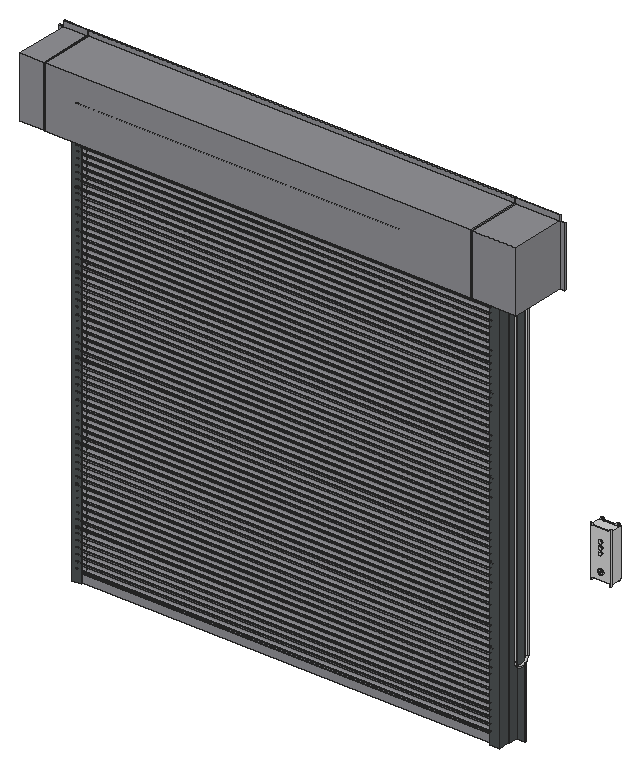
Revit family "EverServe-HD-Springless-Service-Doors_OHD_Model-610S_compact", category Specialty Equipment, host Wall, Revit 2023 (continued)
Definition of nested family "610S"
  Forms (in)
    Extrusion 3, solid, material <- "Panel Material", visible <- "C 275"
      sketch origin (0, -4.98186, 13.73777) x (0, 1, 0) y (0, 0, 1)
        loop
          arc (5.08882, -13.33673) -> (5.53574, -13.12633) -> (5.86186, -12.7553) r 1.21407
          line (5.86186, -12.7553) -> (5.86186, -11.53556)
          arc (5.86186, -11.53556) -> (5.65824, -11.34956) -> (5.41686, -11.21617) r 1.17443
          line (5.41686, -11.21617) -> (5.41686, -10.992)
          arc (5.41686, -10.992) -> (5.38383, -10.87566) -> (5.29461, -10.79403) r 0.22143
          line (5.29461, -10.79403) -> (5.07719, -10.68511)
          arc (5.07719, -10.68511) -> (5.0486, -10.63175) -> (5.08882, -10.58649) r 0.0529
          arc (5.08882, -10.58649) -> (5.53574, -10.37609) -> (5.86186, -10.00506) r 1.21407
          line (5.86186, -10.00506) -> (5.86186, -8.78532)
          arc (5.86186, -8.78532) -> (5.65824, -8.59932) -> (5.41686, -8.46594) r 1.17443
          line (5.41686, -8.46594) -> (5.41686, -8.24176)
          arc (5.41686, -8.24176) -> (5.37035, -8.10599) -> (5.25036, -8.02726) r 0.22143
          line (5.25036, -8.02726) -> (5.07719, -7.93935)
          arc (5.07719, -7.93935) -> (5.0486, -7.88599) -> (5.08882, -7.84073) r 0.0529
          arc (5.08882, -7.84073) -> (5.53574, -7.63033) -> (5.86186, -7.2593) r 1.21407
          line (5.86186, -7.2593) -> (5.86186, -6.03956)
          arc (5.86186, -6.03956) -> (5.65824, -5.85356) -> (5.41686, -5.72017) r 1.17443
          line (5.41686, -5.72017) -> (5.41686, -5.496)
          arc (5.41686, -5.496) -> (5.39015, -5.39058) -> (5.31648, -5.31059) r 0.22143
          line (5.31648, -5.31059) -> (5.07719, -5.18911)
          arc (5.07719, -5.18911) -> (5.0486, -5.13575) -> (5.08882, -5.09049) r 0.0529
          arc (5.08882, -5.09049) -> (5.53574, -4.88009) -> (5.86186, -4.50906) r 1.21407
          line (5.86186, -4.50906) -> (5.86186, -3.28932)
          arc (5.86186, -3.28932) -> (5.65824, -3.10332) -> (5.41686, -2.96993) r 1.17443
          line (5.41686, -2.96993) -> (5.41686, -2.74576)
          arc (5.41686, -2.74576) -> (5.37035, -2.60999) -> (5.25036, -2.53126) r 0.22143
          line (5.25036, -2.53126) -> (5.07719, -2.44335)
          arc (5.07719, -2.44335) -> (5.0486, -2.38998) -> (5.08882, -2.34473) r 0.0529
          arc (5.08882, -2.34473) -> (5.53574, -2.13433) -> (5.86186, -1.76329) r 1.21407
          line (5.86186, -1.76329) -> (5.86186, -0.54356)
          arc (5.86186, -0.54356) -> (5.65824, -0.35756) -> (5.41686, -0.22417) r 1.17443
      from -61.8125 to 61.8125
    Extrusion 4, void
      sketch origin (0, 0, 0) x (0, 1, 0) y (0, 0, 1)
        loop
          line (1.47, 1.394) -> (1.47, 0.394) -> (1.53, 0.394) -> (1.53, 1.394) -> (1.47, 1.394)
        loop
          line (1.47, 3.65) -> (1.47, 2.65) -> (1.53, 2.65) -> (1.53, 3.65) -> (1.47, 3.65)
        loop
          line (1.47, 5.906) -> (1.47, 4.906) -> (1.53, 4.906) -> (1.53, 5.906) -> (1.47, 5.906)
        loop
          line (1.47, 8.162) -> (1.47, 7.162) -> (1.53, 7.162) -> (1.53, 8.162) -> (1.47, 8.162)
        loop
          line (1.47, 10.418) -> (1.47, 9.418) -> (1.53, 9.418) -> (1.53, 10.418) -> (1.47, 10.418)
      from -60.8125 to 60.8125
  Cuts and joins
    Extrusion 4 cuts Extrusion 3
    Extrusion 4 cuts Extrusion 2
  Lines and regions (in)
    reference lines
      curve 1: line (0, -4.98186, 12.78) -> (0, 9.9877, 12.78)
      curve 2: line (0, -2.86663, 12.174) -> (0, 7.63337, 12.174)
      curve 3: line (0, -2.86663, 9.918) -> (0, 7.63337, 9.918)
      curve 4: line (0, -2.86663, 7.662) -> (0, 7.63337, 7.662)
      curve 5: line (0, -2.86663, 5.406) -> (0, 7.63337, 5.406)
      curve 6: line (0, -2.86663, 0.894) -> (0, 7.63337, 0.894)
      curve 7: line (0, -2.86663, 3.15) -> (0, 7.63337, 3.15)
  Dimensions and locks (in)
    equal spacing: plane 4, plane 3 "Center (Left/Right)", plane 5
    "Opening Width": plane 4 to plane 5
    "Slat Width": plane 1 "Center (Front/Back)" to plane 6
    equal spacing: plane 1 "Center (Front/Back)", plane 8, plane 6
    locked: plane 9 to plane 6 at 0.03
    "Cutout Width Offset": plane 4 to plane 10
    "Cutout Width Offset": plane 5 to plane 11
    "Void Height": Extrusion 4 sketch curve to Extrusion 4 sketch curve  (x5)
    locked: Extrusion 4 sketch curve to Extrusion 4 sketch curve at 0.06  (x5)
    "Void Offset": plane 6 to Extrusion 4 sketch curve
    locked: curve 1 to level at 12.78
    "Slat Position": curve 6 to curve 2
    equal spacing: Extrusion 4 sketch curve, curve 3, Extrusion 4 sketch curve
    equal spacing: Extrusion 4 sketch curve, curve 4, Extrusion 4 sketch curve
    equal spacing: Extrusion 4 sketch curve, curve 6, Extrusion 4 sketch curve
    equal spacing: Extrusion 4 sketch curve, curve 5, Extrusion 4 sketch curve
    equal spacing: curve 6, curve 7, curve 5, curve 4, curve 3, curve 2
    equal spacing: Extrusion 4 sketch curve, curve 7, Extrusion 4 sketch curve
    "Cutout Vertical Offset": curve 6 to plane 2
    aligned and locked: plane 2 to level
    aligned and locked: plane 1 "Center (Front/Back)" to plane 7
    aligned and locked: plane 5 to Extrusion 1
    aligned and locked: plane 4 to Extrusion 1
    aligned and locked: plane 5 to Extrusion 2
    aligned and locked: plane 4 to Extrusion 2
    aligned and locked: plane 5 to Extrusion 3
    aligned and locked: plane 4 to Extrusion 3
    aligned and locked: plane 9 to nested 1
    aligned and locked: plane 3 "Center (Left/Right)" to nested 1
    aligned and locked: Extrusion 4 sketch curve to Extrusion 4 sketch curve  (x4)
    aligned and locked: plane 10 to Extrusion 4
    aligned and locked: plane 11 to Extrusion 4
    aligned and locked: plane 3 "Center (Left/Right)" to nested 2
    aligned and locked: plane 3 "Center (Left/Right)" to nested 3
    aligned and locked: plane 3 "Center (Left/Right)" to nested 4
    aligned and locked: plane 3 "Center (Left/Right)" to nested 5
    aligned and locked: plane 9 to nested 2
    aligned and locked: plane 9 to nested 3
    aligned and locked: plane 9 to nested 4
    aligned and locked: plane 9 to nested 5
  Automatic sketch dimensions
    curve 1 to Extrusion 1 sketch curve = 4.37692"  (x2)
    Extrusion 1 sketch curve to Extrusion 1 sketch curve = 0"  (x24)
    Extrusion 1 sketch curve to Extrusion 1 sketch curve = 0.34316"  (x6)
    Extrusion 1 sketch curve to Extrusion 1 sketch curve = 0.02075"  (x6)
    Extrusion 1 sketch curve to Extrusion 1 sketch curve = 0.46772"  (x6)
    Extrusion 1 sketch curve to Extrusion 1 sketch curve = 0.21601"  (x6)
    Extrusion 1 sketch curve to Extrusion 1 sketch curve = 0.25599"  (x5)
    Extrusion 1 sketch curve to Extrusion 1 sketch curve = 0.27238"
    Extrusion 1 sketch curve to Extrusion 1 sketch curve = 0.0004"
    Extrusion 1 sketch curve to Extrusion 1 sketch curve = 49/128"
    Extrusion 1 sketch curve to Extrusion 1 sketch curve = 0.04891"  (x5)
    Extrusion 1 sketch curve to Extrusion 1 sketch curve = 0.07012"
    Extrusion 1 sketch curve to curve 1 = 13.34422"
    Extrusion 1 sketch curve to Extrusion 1 sketch curve = 0.42583"  (x6)
    Extrusion 1 sketch curve to Extrusion 1 sketch curve = 0.1384"
    Extrusion 1 sketch curve to Extrusion 1 sketch curve = 0.02995"
    Extrusion 1 sketch curve to Extrusion 1 sketch curve = 0.29119"
    Extrusion 1 sketch curve to Extrusion 1 sketch curve = 0.72453"  (x6)
    Extrusion 1 sketch curve to Extrusion 1 sketch curve = 0.00067"  (x6)
    Extrusion 1 sketch curve to Extrusion 1 sketch curve = 0.27011"  (x5)
    Extrusion 1 sketch curve to Extrusion 1 sketch curve = 0.08724"  (x5)
    Extrusion 1 sketch curve to Extrusion 1 sketch curve = 0.06764"  (x5)
    Extrusion 1 sketch curve to Extrusion 1 sketch curve = 0.30465"  (x5)
    Extrusion 1 sketch curve to Extrusion 1 sketch curve = 0.80134"
    Extrusion 1 sketch curve to Extrusion 1 sketch curve = 0.005"
    Extrusion 1 sketch curve to Extrusion 1 sketch curve = 0.14177"
    Extrusion 1 sketch curve to Extrusion 1 sketch curve = 0.0347"  (x8)
    Extrusion 1 sketch curve to Extrusion 1 sketch curve = 0.02124"  (x6)
    Extrusion 1 sketch curve to Extrusion 1 sketch curve = 0.00181"
    Extrusion 1 sketch curve to Extrusion 1 sketch curve = 0.06794"  (x5)
    Extrusion 1 sketch curve to Extrusion 1 sketch curve = 0.04801"
    Extrusion 1 sketch curve to Extrusion 1 sketch curve = 0.0638"  (x2)
    curve 1 to Extrusion 2 sketch curve = 4.98186"  (x2)
    Extrusion 2 sketch curve to Extrusion 2 sketch curve = 0"  (x4)
    curve 1 to Extrusion 2 sketch curve = 0.02051"
    curve 1 to Extrusion 2 sketch curve = 2.64604"
    Extrusion 2 sketch curve to Extrusion 2 sketch curve = 0.06154"  (x4)
    curve 1 to Extrusion 2 sketch curve = 0.03317"
    Extrusion 2 sketch curve to Extrusion 2 sketch curve = 0.06197"
    curve 1 to Extrusion 2 sketch curve = 0.12438"
    Extrusion 2 sketch curve to Extrusion 2 sketch curve = 0.02153"
    Extrusion 2 sketch curve to Extrusion 2 sketch curve = 0.02196"  (x4)
    curve 1 to Extrusion 2 sketch curve = 2.74991"
    Extrusion 2 sketch curve to curve 1 = 0.39136"
    Extrusion 2 sketch curve to Extrusion 2 sketch curve = 0.0841"
    Extrusion 2 sketch curve to Extrusion 2 sketch curve = 0.02327"  (x4)
    Extrusion 2 sketch curve to Extrusion 2 sketch curve = 3/128"  (x2)
    Extrusion 2 sketch curve to Extrusion 2 sketch curve = 0.02374"  (x2)
    Extrusion 2 sketch curve to Extrusion 2 sketch curve = 0.00178"
    curve 1 to Extrusion 2 sketch curve = 0.06028"
    curve 1 to Extrusion 2 sketch curve = 2.68458"
    Extrusion 2 sketch curve to Extrusion 2 sketch curve = 0.00478"  (x2)
    Extrusion 2 sketch curve to Extrusion 2 sketch curve = 0.00479"  (x2)
    Extrusion 2 sketch curve to Extrusion 2 sketch curve = 0.01188"  (x4)
    curve 1 to Extrusion 2 sketch curve = 2.48793"
    Extrusion 2 sketch curve to Extrusion 2 sketch curve = 0.01156"
    Extrusion 2 sketch curve to Extrusion 2 sketch curve = 0.01822"
    Extrusion 2 sketch curve to curve 1 = 0.2281"
    Extrusion 2 sketch curve to Extrusion 2 sketch curve = 0.03122"
    curve 1 to Extrusion 2 sketch curve = 2.39704"
    Extrusion 2 sketch curve to Extrusion 2 sketch curve = 0.01856"  (x2)
    Extrusion 2 sketch curve to Extrusion 2 sketch curve = 0.00034"  (x6)
    Extrusion 2 sketch curve to Extrusion 2 sketch curve = 0.0185"  (x2)
    Extrusion 2 sketch curve to Extrusion 2 sketch curve = 0.18279"  (x3)
    Extrusion 2 sketch curve to Extrusion 2 sketch curve = 0.18305"  (x3)
    Extrusion 2 sketch curve to Extrusion 2 sketch curve = 0.41746"  (x2)
    Extrusion 2 sketch curve to Extrusion 2 sketch curve = 0.392"
    Extrusion 2 sketch curve to Extrusion 2 sketch curve = 0.41747"  (x2)
    curve 1 to Extrusion 2 sketch curve = 2.67875"
    Extrusion 2 sketch curve to Extrusion 2 sketch curve = 0.02395"  (x5)
    curve 1 to Extrusion 2 sketch curve = 2.62435"
    Extrusion 2 sketch curve to Extrusion 2 sketch curve = 0.03031"  (x4)
    curve 1 to Extrusion 2 sketch curve = 0.14423"
    Extrusion 2 sketch curve to Extrusion 2 sketch curve = 0.45387"
    Extrusion 2 sketch curve to Extrusion 2 sketch curve = 0.00007"  (x5)
    Extrusion 2 sketch curve to Extrusion 2 sketch curve = 0.00899"  (x5)
    Extrusion 2 sketch curve to Extrusion 2 sketch curve = 0.00552"  (x5)
    Extrusion 2 sketch curve to Extrusion 2 sketch curve = 0.04341"  (x3)
    Extrusion 2 sketch curve to Extrusion 2 sketch curve = 0.01303"  (x2)
    curve 1 to Extrusion 2 sketch curve = 2.71019"
    Extrusion 2 sketch curve to Extrusion 2 sketch curve = 5/256"  (x2)
    Extrusion 2 sketch curve to Extrusion 2 sketch curve = 0.02448"  (x3)
    Extrusion 2 sketch curve to Extrusion 2 sketch curve = 0.06"  (x5)
    Extrusion 2 sketch curve to Extrusion 2 sketch curve = 0.01261"  (x2)
    Extrusion 2 sketch curve to Extrusion 2 sketch curve = 2.10108"  (x4)
    Extrusion 2 sketch curve to Extrusion 2 sketch curve = 0.11957"  (x2)
    Extrusion 2 sketch curve to Extrusion 2 sketch curve = 0.09059"  (x2)
    Extrusion 2 sketch curve to Extrusion 2 sketch curve = 0.05819"  (x4)
    Extrusion 2 sketch curve to Extrusion 2 sketch curve = 1/128"  (x4)
    Extrusion 2 sketch curve to Extrusion 2 sketch curve = 0.09983"  (x2)
    Extrusion 2 sketch curve to Extrusion 2 sketch curve = 0.01046"  (x2)
    Extrusion 2 sketch curve to Extrusion 2 sketch curve = 0.00686"  (x2)
    Extrusion 2 sketch curve to Extrusion 2 sketch curve = 0.03144"  (x3)
    Extrusion 2 sketch curve to Extrusion 2 sketch curve = 0.01995"  (x3)
    Extrusion 2 sketch curve to Extrusion 2 sketch curve = 0.11917"  (x3)
    Extrusion 2 sketch curve to Extrusion 2 sketch curve = 0.09089"
    Extrusion 2 sketch curve to Extrusion 2 sketch curve = 0.09993"
    Extrusion 2 sketch curve to Extrusion 2 sketch curve = 0.01049"
    Extrusion 2 sketch curve to Extrusion 2 sketch curve = 0.00683"
    Extrusion 2 sketch curve to Extrusion 2 sketch curve = 0.07903"
    Extrusion 2 sketch curve to Extrusion 2 sketch curve = 0.01186"
    Extrusion 2 sketch curve to Extrusion 2 sketch curve = 0.05829"
    Extrusion 2 sketch curve to Extrusion 2 sketch curve = 0.05892"
    Extrusion 2 sketch curve to Extrusion 2 sketch curve = 0.00247"
    curve 1 to Extrusion 2 sketch curve = 4.8597"
    Extrusion 2 sketch curve to Extrusion 2 sketch curve = 0.0313"  (x2)
    Extrusion 2 sketch curve to Extrusion 2 sketch curve = 0.03156"
    curve 1 to Extrusion 2 sketch curve = 2.23417"
    Extrusion 2 sketch curve to Extrusion 2 sketch curve = 0.0005"
    Extrusion 3 sketch curve to Extrusion 3 sketch curve = 0"  (x17)
    curve 1 to Extrusion 3 sketch curve = 4.80317"
    curve 1 to Extrusion 3 sketch curve = 0.20569"
    Extrusion 3 sketch curve to Extrusion 3 sketch curve = 0.0028"  (x5)
    Extrusion 3 sketch curve to Extrusion 3 sketch curve = 0.12969"  (x5)
    Extrusion 3 sketch curve to Extrusion 3 sketch curve = 0.03778"  (x5)
    Extrusion 3 sketch curve to Extrusion 3 sketch curve = 0.14152"  (x5)
    curve 1 to Extrusion 3 sketch curve = 1.48558"
    Extrusion 3 sketch curve to Extrusion 3 sketch curve = 0.02395"  (x5)
    Extrusion 3 sketch curve to Extrusion 3 sketch curve = 0.00651"  (x5)
    Extrusion 3 sketch curve to Extrusion 3 sketch curve = 0.11824"  (x5)
    Extrusion 3 sketch curve to Extrusion 3 sketch curve = 0.38946"
    Extrusion 3 sketch curve to Extrusion 3 sketch curve = 0.14271"  (x3)
    curve 1 to Extrusion 3 sketch curve = 1.57349"
    Extrusion 3 sketch curve to Extrusion 3 sketch curve = 0.09917"
    Extrusion 3 sketch curve to Extrusion 3 sketch curve = 0.12104"
    Extrusion 3 sketch curve to Extrusion 3 sketch curve = 0.22143"  (x5)
    Extrusion 3 sketch curve to Extrusion 3 sketch curve = 0.385"  (x4)
    Extrusion 3 sketch curve to Extrusion 3 sketch curve = 0.86619"
    Extrusion 3 sketch curve to Extrusion 3 sketch curve = 0.06"  (x5)
    Extrusion 3 sketch curve to Extrusion 3 sketch curve = 0.22417"  (x5)
    Extrusion 3 sketch curve to Extrusion 3 sketch curve = 0.31939"  (x4)
    Extrusion 3 sketch curve to Extrusion 3 sketch curve = 0.02243"  (x5)
    Extrusion 3 sketch curve to Extrusion 3 sketch curve = 0.14822"  (x4)
    Extrusion 3 sketch curve to Extrusion 3 sketch curve = 0.00061"  (x5)
    Extrusion 3 sketch curve to Extrusion 3 sketch curve = 0.08821"  (x5)
    Extrusion 3 sketch curve to Extrusion 3 sketch curve = 0.34736"  (x4)
    Extrusion 3 sketch curve to Extrusion 3 sketch curve = 0.01604"  (x5)
    Extrusion 3 sketch curve to Extrusion 3 sketch curve = 0.64892"  (x4)
    Extrusion 3 sketch curve to Extrusion 3 sketch curve = 0.01817"  (x5)
    Extrusion 3 sketch curve to Extrusion 3 sketch curve = 0.029"  (x4)
    Extrusion 3 sketch curve to Extrusion 3 sketch curve = 0.13791"
    Extrusion 3 sketch curve to Extrusion 3 sketch curve = 0.21451"
    curve 1 to Extrusion 3 sketch curve = 0.80553"
    Extrusion 3 sketch curve to Extrusion 3 sketch curve = 0.23644"
    Extrusion 3 sketch curve to curve 1 = 0.39177"
    Extrusion 3 sketch curve to Extrusion 3 sketch curve = 0.02516"  (x2)
    Extrusion 3 sketch curve to Extrusion 3 sketch curve = 0.03547"  (x2)
    plane 1 "Center (Front/Back)" to curve 1 = 4.98186"
    plane 1 "Center (Front/Back)" to curve 7 = 2.86663"
    curve 1 to curve 2 = 2.11523"
    curve 5 to curve 7 = 0"
    curve 3 to curve 2 = 0"  (x2)
    curve 6 to curve 7 = 0"
    curve 4 to curve 3 = 0"
    curve 2 to plane 6 = 7.10337"
    curve 5 to plane 6 = 7.10337"
    curve 4 to curve 5 = 0"
    curve 6 to curve 5 = 0"
    curve 7 to curve 5 = 0"
    curve 2 to curve 1 = 2.35433"
  Nested families (in)
    nested 1: "Perforation" at (0, 0.5, 0.894), visible <- "Integrated Cutout", type "Perforation"
      with Offset 1"
    nested 2: "Perforation" at (0, 0.5, 3.15), visible <- "Integrated Cutout", type "Perforation"
      with Offset 1"
    nested 3: "Perforation" at (0, 0.5, 5.406), visible <- "Integrated Cutout", type "Perforation"
      with Offset 1"
    nested 4: "Perforation" at (0, 0.5, 7.662), visible <- "Integrated Cutout", type "Perforation"
      with Offset 1"
    nested 5: "Perforation" at (0, 0.5, 9.918), visible <- "Integrated Cutout", type "Perforation"
      with Offset 1"
  Definition of nested family "Perforation"
    Parameters (values of type "Perforation")
      Perforation = none
      Opening Width = 123 5/8"
      Offset = 2"
      Height = 1"
      Default Elevation = 48"
    Reference planes (in)
      plane 1 "Center (Front/Back)": y = 0
      plane 2: z = 0
      plane 3 "Center (Left/Right)": x = 0
      plane 4: z = 0.5
      plane 5: z = -0.5
      plane 6: y = -0.03
      plane 7: y = 0.03
      plane 8: x = -61.8125
      plane 9: x = 61.8125
      plane 10: x = -59.8125
      plane 11: x = 59.8125
    Forms (in)
      Extrusion 1, solid, material <- "Perforation"
        sketch origin (0, -0.19, 0) x (0, 1, 0) y (0, 0, 1)
          loop
            line (0.16, 0.5) -> (0.16, -0.5) -> (0.22, -0.5) -> (0.22, 0.5) -> (0.16, 0.5)
        from -59.8125 to 59.8125
    Dimensions and locks (in)
      equal spacing: plane 4, level, plane 5
      "Height": plane 4 to plane 5
      equal spacing: plane 6, plane 1 "Center (Front/Back)", plane 7
      locked: plane 6 to plane 7 at 0.06
      "Opening Width": plane 8 to plane 9
      "Offset": plane 8 to plane 10
      "Offset": plane 9 to plane 11
      equal spacing: plane 8, plane 3 "Center (Left/Right)", plane 9
      aligned and locked: plane 2 to level
      aligned and locked: plane 4 to Extrusion 1
      aligned and locked: Extrusion 1 to plane 5
      aligned and locked: plane 6 to Extrusion 1
      aligned and locked: plane 7 to Extrusion 1
      aligned and locked: Extrusion 1 to plane 10
      aligned and locked: plane 11 to Extrusion 1
    Automatic sketch dimensions
      Extrusion 1 sketch curve to level = 1/2"
      plane 1 "Center (Front/Back)" to Extrusion 1 sketch curve = 0.03"
      Extrusion 1 sketch curve to plane 1 "Center (Front/Back)" = 0.03"
      plane 4 to Extrusion 1 sketch curve = 0"
Definition of nested family "Label Annotation 1"
  Parameters (values of type "Label Annotation 1-8")
    Label = "Area is too big. Please reduce Door Size."
  Reference planes (in)
    plane 1: y = 0
    plane 2: x = 0
  Text (in)
    label "Label" at (0.00375, -0.00345, 0), shows "Label"
Definition of nested family "Warning Sign"
  Parameters (values of type "Warning Sign")
    Warning Sign [instance] = no
    Default Elevation = 48"
  Reference planes (in)
    plane 1 "Center (Front/Back)": y = 0
    plane 2: z = 0
    plane 3 "Center (Left/Right)": x = 0
    plane 4: y = 0.5
    plane 5: y = -0.5
    plane 6: y = 1
    plane 7: y = 0.25
  Lines and regions (in)
    model lines
      curve 1: line (-2.26129, 1, 45.69444) -> (-26.3817, 1, 3.91667)
      curve 2: line (-25.25106, 1, 3.26389) -> (-1.13064, 1, 45.04167)
      curve 3: arc (2.26129, 1, 45.69444) -> (0, 1, 47) -> (-2.26129, 1, 45.69444) r 2.61111
      curve 4: arc (-1.13064, 1, 45.04167) -> (0, 1, 45.69444) -> (1.13064, 1, 45.04167) r 1.30556
      curve 5: line (1.13064, 1, 45.04167) -> (25.25106, 1, 3.26389)
      curve 6: line (26.3817, 1, 3.91667) -> (2.26129, 1, 45.69444)
      curve 7: arc (25.25106, 1, 3.26389) -> (25.25106, 1, 1.95833) -> (24.12041, 1, 1.30556) r 1.30556
      curve 8: arc (24.12041, 1, 0) -> (26.3817, 1, 1.30556) -> (26.3817, 1, 3.91667) r 2.61111
      curve 9: line (24.12041, 1, 1.30556) -> (-24.12041, 1, 1.30556)
      curve 10: line (-24.12041, 1, 0) -> (24.12041, 1, 0)
      curve 11: arc (-24.12041, 1, 1.30556) -> (-25.25106, 1, 1.95833) -> (-25.25106, 1, 3.26389) r 1.30556
      curve 12: arc (-26.3817, 1, 3.91667) -> (-26.3817, 1, 1.30556) -> (-24.12041, 1, 0) r 2.61111
      curve 13: arc (-2.29479, 1, 8.63537) -> (0, 1, 6.34057) -> (2.29479, 1, 8.63537) r 2.29479
      curve 14: arc (2.29479, 1, 8.63537) -> (0, 1, 10.93016) -> (-2.29479, 1, 8.63537) r 2.29479
      curve 15: arc (-1.6331, 1, 13.97069) -> (0.03439, 1, 12.53727) -> (1.69278, 1, 13.98121) r 1.68043
      curve 16: line (-3.77413, 1, 28.37873) -> (-1.6331, 1, 13.97069)
      curve 17: line (1.69278, 1, 13.98121) -> (3.73924, 1, 28.37873)
      curve 18: arc (3.73924, 1, 28.37873) -> (-0.01745, 1, 32.13541) -> (-3.77413, 1, 28.37873) r 3.75668
      curve 19: line (-2.26129, -0.5, 45.69444) -> (-26.3817, -0.5, 3.91667)
      curve 20: line (-25.25106, -0.5, 3.26389) -> (-1.13064, -0.5, 45.04167)
      curve 21: arc (2.26129, -0.5, 45.69444) -> (0, -0.5, 47) -> (-2.26129, -0.5, 45.69444) r 2.61111
      curve 22: arc (-1.13064, -0.5, 45.04167) -> (0, -0.5, 45.69444) -> (1.13064, -0.5, 45.04167) r 1.30556
      curve 23: line (1.13064, -0.5, 45.04167) -> (25.25106, -0.5, 3.26389)
      curve 24: line (26.3817, -0.5, 3.91667) -> (2.26129, -0.5, 45.69444)
      curve 25: arc (25.25106, -0.5, 3.26389) -> (25.25106, -0.5, 1.95833) -> (24.12041, -0.5, 1.30556) r 1.30556
      curve 26: arc (24.12041, -0.5, 0) -> (26.3817, -0.5, 1.30556) -> (26.3817, -0.5, 3.91667) r 2.61111
      curve 27: line (24.12041, -0.5, 1.30556) -> (-24.12041, -0.5, 1.30556)
      curve 28: line (-24.12041, -0.5, 0) -> (24.12041, -0.5, 0)
      curve 29: arc (-24.12041, -0.5, 1.30556) -> (-25.25106, -0.5, 1.95833) -> (-25.25106, -0.5, 3.26389) r 1.30556
      curve 30: arc (-26.3817, -0.5, 3.91667) -> (-26.3817, -0.5, 1.30556) -> (-24.12041, -0.5, 0) r 2.61111
      curve 31: arc (-2.29479, -0.5, 8.63537) -> (0, -0.5, 6.34057) -> (2.29479, -0.5, 8.63537) r 2.29479
      curve 32: arc (2.29479, -0.5, 8.63537) -> (0, -0.5, 10.93016) -> (-2.29479, -0.5, 8.63537) r 2.29479
      curve 33: arc (-1.6331, -0.5, 13.97069) -> (0.03439, -0.5, 12.53727) -> (1.69278, -0.5, 13.98121) r 1.68043
      curve 34: line (-3.77413, -0.5, 28.37873) -> (-1.6331, -0.5, 13.97069)
      curve 35: line (1.69278, -0.5, 13.98121) -> (3.73924, -0.5, 28.37873)
      curve 36: arc (3.73924, -0.5, 28.37873) -> (-0.01745, -0.5, 32.13541) -> (-3.77413, -0.5, 28.37873) r 3.75668
  Dimensions and locks (in)
    locked: plane 1 "Center (Front/Back)" to plane 4 at 0.5
    equal spacing: plane 1 "Center (Front/Back)", plane 7, plane 4
    locked: plane 4 to plane 6 at 0.5
    locked: plane 5 to plane 1 "Center (Front/Back)" at 0.5
    aligned and locked: plane 2 to level
  Automatic sketch dimensions
    curve 21 to curve 22 = 0"  (x2)
    curve 25 to curve 26 = 0"  (x2)
    curve 29 to curve 30 = 0"  (x2)
    curve 31 to curve 32 = 0"  (x2)
    curve 21 to plane 3 "Center (Left/Right)" = 0"
    curve 31 to plane 3 "Center (Left/Right)" = 0"
    curve 30 to level = 0"
    level to curve 27 = 1.30556"
    curve 26 to curve 27 = 1.30556"
    curve 29 to curve 27 = 1.30556"
    curve 23 to curve 25 = 0.65278"
    curve 20 to curve 29 = 0.65278"
    curve 24 to curve 23 = 0.65278"
    curve 19 to curve 20 = 0.65278"
    level to curve 32 = 8.63537"
    curve 34 to plane 3 "Center (Left/Right)" = 1.6331"
    curve 34 to curve 31 = 5.33532"
    plane 3 "Center (Left/Right)" to curve 35 = 1.69278"
    curve 35 to curve 34 = 0.01052"
    plane 3 "Center (Left/Right)" to curve 33 = 0.02908"
    curve 36 to plane 3 "Center (Left/Right)" = 0.01745"
    curve 36 to curve 33 = 14.16104"
    curve 22 to curve 36 = 16.01016"
    plane 3 "Center (Left/Right)" to curve 23 = 1.13064"
    curve 23 to curve 21 = 0.65278"
    curve 20 to plane 3 "Center (Left/Right)" = 1.13064"
    plane 3 "Center (Left/Right)" to curve 24 = 2.26129"
    curve 24 to curve 22 = 0.65278"
    curve 19 to plane 3 "Center (Left/Right)" = 2.26129"
    curve 34 to curve 36 = 3.75668"
    curve 30 to plane 3 "Center (Left/Right)" = 24.12041"
    plane 3 "Center (Left/Right)" to curve 25 = 24.12041"
    curve 31 to curve 31 = 2.29479"
    curve 3 to curve 4 = 0"  (x2)
    curve 7 to curve 8 = 0"  (x2)
    curve 11 to curve 12 = 0"  (x2)
    curve 13 to curve 14 = 0"  (x2)
    curve 3 to plane 3 "Center (Left/Right)" = 0"
    curve 13 to plane 3 "Center (Left/Right)" = 0"
    curve 12 to level = 0"
    level to curve 9 = 1.30556"
    curve 8 to curve 9 = 1.30556"
    curve 11 to curve 9 = 1.30556"
    curve 5 to curve 7 = 0.65278"
    curve 2 to curve 11 = 0.65278"
    curve 6 to curve 5 = 0.65278"
    curve 1 to curve 2 = 0.65278"
    level to curve 14 = 8.63537"
    curve 16 to plane 3 "Center (Left/Right)" = 1.6331"
    curve 16 to curve 13 = 5.33532"
    plane 3 "Center (Left/Right)" to curve 17 = 1.69278"
    curve 17 to curve 16 = 0.01052"
    plane 3 "Center (Left/Right)" to curve 15 = 0.02908"
    curve 18 to plane 3 "Center (Left/Right)" = 0.01745"
    curve 18 to curve 15 = 14.16104"
    curve 4 to curve 18 = 16.01016"
    plane 3 "Center (Left/Right)" to curve 5 = 1.13064"
    curve 5 to curve 3 = 0.65278"
    curve 2 to plane 3 "Center (Left/Right)" = 1.13064"
    plane 3 "Center (Left/Right)" to curve 6 = 2.26129"
    curve 6 to curve 4 = 0.65278"
    curve 1 to plane 3 "Center (Left/Right)" = 2.26129"
    curve 16 to curve 18 = 3.75668"
    curve 12 to plane 3 "Center (Left/Right)" = 24.12041"
    plane 3 "Center (Left/Right)" to curve 7 = 24.12041"
    curve 13 to curve 13 = 2.29479"
Types (6): name | Voltage | Number of Poles | Apparent Load Phase 3 | Apparent Load Phase 2 | Apparent Load Phase 1
  208 volts, one phase, 60 Hz (208-240V range) | 208 V | 1 | 0 VA | 0 VA | 4160 VA
  220 volts, one phase, 60 Hz (220-240V range) | 220 V | 1 | 0 VA | 0 VA | 4400 VA
  208 volts, three phase, 60 Hz (208-240V range) | 208 V | 3 | 2401.78 VA | 2401.78 VA | 2401.78 VA
  230 volts, three phase, 60 Hz (220-240V range) | 230 V | 3 | 2655.81 VA | 2655.81 VA | 2655.81 VA
  460 volts, three phase, 60 Hz (440-480 V range) | 460 V | 3 | 5311.62 VA | 5311.62 VA | 5311.62 VA
  575 volts, three phase, 60 Hz | 575 V | 3 | 6639.53 VA | 6639.53 VA | 6639.53 VA
